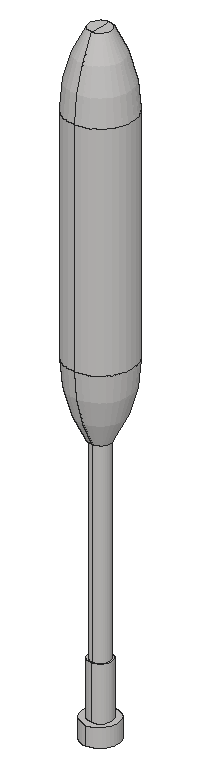
Revit family "Displays_Tensioner_T-End", category Generic Models, Revit 2024
Family settings
  Can host rebar = No
  Round Connector Dimension = Use Diameter
  Part Type = Normal
  OmniClass Number = 23.40.90.11
  OmniClass Title = Information Display Specialties
  Work Plane-Based = Yes
  Always vertical = Yes
  Cut with Voids When Loaded = No
  Maintain Annotation Orientation = No
  Shared = No
  Room Calculation Point = No
Parameters (values of type "As Specified")
  URL = "https://www.ashanging.com/"
  Thickness = 0' - 0.14476"
  Test Data = ""
  Specification = "http://www.arcat.com/sd/clients/ashangin.html?coid=45293"
  Sales Information = "https://www.ashanging.com/en/contacts/"
  Revision = "R1_2017"
  Product Data = "http://www.arcat.com/arcatcos/cos45/arc45245.html"
  Overall Height = 0' - 4 3/16"
  Model = "T End Tensioner"
  Manufacturer Website = "https://www.ashanging.com/"
  Manufacturer Phone - Toll Free = "866-935-6997"
  Manufacturer Phone = ""
  Manufacturer Fax = ""
  Manufacturer Address = "8396 State Route 9, West Chazy, NY 12992"
  Manufacturer = "AS Hanging"
  Keynote = "10 14 00"
  Hook = Stainless Steel
  Drawn By = "Sumex Design, Robert S. Weygant"
  Description = "AS Hanging T End Tensioner"
  Default Elevation = 4' - 0"
  Copyright = "2017 ARCAT, Inc"
  Construction Details = ""
  Cable Material = Stainless Steel
Reference planes (in)
  plane 1 "Center (Front/Back)": y = 0
  plane 2 "Hook Base": z = 0
  plane 3 "Center (Left/Right)": x = 0
  plane 4: y = 0.07238
  plane 5: y = -0.07238
  plane 6: z = 4.1875
  plane 7: z = 1.6875
  plane 8 "HookEnd": z = 0.35938
Forms (in)
  Revolve 1, solid, material "Stainless Steel" <- "Hook"
    sketch origin (0, 0, 0) x (0, 1, 0) y (0, 0, 1)
      loop
        line (0, 4.1875) -> (0, 1.6875) -> (0.07238, 1.6875)
        arc (0.07238, 1.6875) -> (0.17865, 1.92753) -> (0.215, 2.1875) r 0.94777
        line (0.215, 2.1875) -> (0.215, 3.6875)
        arc (0.215, 3.6875) -> (0.17865, 3.94747) -> (0.07238, 4.1875) r 0.94777
        line (0.07238, 4.1875) -> (0, 4.1875)
      axis (0, 4.1875) -> (0, 1.6875)
    angle from 0 to 360
  Extrusion 2, solid, material "Stainless Steel" <- "Cable Material"
    sketch origin (0, 0, 0.35938) x (0, 1, 0) y (-1, 0, 0)
      loop
        circle (0, 0) r 0.0625
    from 0 to 1.32812
  Extrusion 3, solid, material "Stainless Steel" <- "Hook"
    sketch origin (0, 0, -0.125) x (0, 1, 0) y (-1, 0, 0)
      loop
        circle (0, 0) r 0.11914
    from 0 to 0.125
  Extrusion 4, solid, material "Stainless Steel" <- "Hook"
    sketch origin (0, 0, 0.35937) x (0, 1, 0) y (-1, 0, 0)
      loop
        circle (0, 0) r 0.075
    from 0 to -0.35938
Dimensions and locks (in)
  equal spacing: plane 5, plane 1 "Center (Front/Back)", plane 4
  "Thickness": plane 5 to plane 4
  "Overall Height": plane 6 to level
  locked: plane 6 to plane 7 at 2.5
  locked: plane 8 "HookEnd" to level at 0.35938
  aligned and locked: plane 2 "Hook Base" to level
  aligned and locked: plane 1 "Center (Front/Back)" to Revolve 1 sketch curve
  aligned and locked: Extrusion 2 to plane 8 "HookEnd"
  aligned and locked: plane 7 to Extrusion 2
  aligned and locked: plane 8 "HookEnd" to Extrusion 4
Automatic sketch dimensions
  Revolve 1 sketch curve to plane 1 "Center (Front/Back)" = 0' - 0"
  Revolve 1 sketch curve to plane 4 = 0' - 0"  (x2)
  Revolve 1 sketch curve to plane 7 = 0' - 0"
  Revolve 1 sketch curve to plane 6 = 0' - 0"
  plane 5 to Revolve 1 sketch curve = 0' - 0.66039"  (x2)
  Revolve 1 sketch curve to plane 4 = 0' - 0.14262"
  Revolve 1 sketch curve to level = 2' - 0"
  plane 6 to Revolve 1 sketch curve = 7' - 3.27586"
  plane 1 "Center (Front/Back)" to Extrusion 2 sketch curve = 0' - 0"
  Extrusion 2 sketch curve to plane 3 "Center (Left/Right)" = 0' - 0"
  plane 1 "Center (Front/Back)" to Extrusion 3 sketch curve = 0' - 0"
  plane 3 "Center (Left/Right)" to Extrusion 3 sketch curve = 0' - 0"
  plane 1 "Center (Front/Back)" to Extrusion 4 sketch curve = 0' - 0"
  plane 3 "Center (Left/Right)" to Extrusion 4 sketch curve = 0' - 0"
  radius of Extrusion 2 sketch curve = 0' - 0 1/16"
  radius of Extrusion 3 sketch curve = 0' - 0.11914"
  radius of Extrusion 4 sketch curve = 0' - 0.075"
